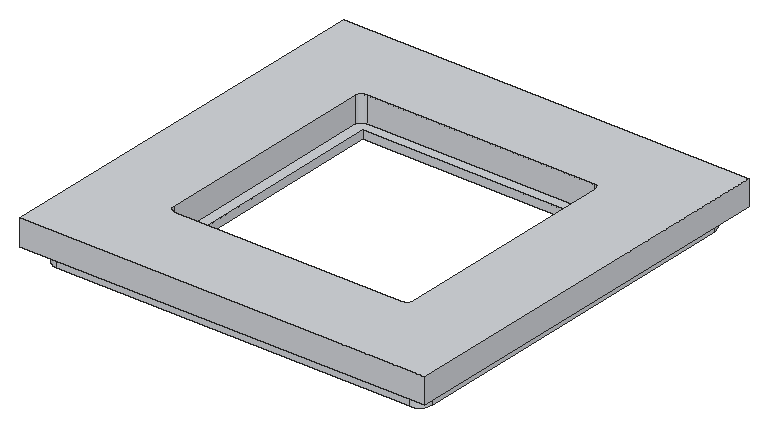
Revit family "Gira_0211221", category Electrical Fixtures, host Face, Revit 2017
Family settings
  Host = Face
  Maintain Annotation Orientation = No
  Round Connector Dimension = Use Diameter
  Part Type = Normal
  Cut with Voids When Loaded = No
  Shared = No
  Room Calculation Point = No
Parameters (values of type "Abdeckrahmen 1f Gira Esprit Lin.Mpx.Hellbraun")
  Werkstoffgüte = "sonstige"
  Werkstoff = "sonstige"
  URL = "http://katalog.gira.de/de_DE/datenblatt.html?artikelnr=0211221"
  Transparent = "No"
  Textfeld/Beschriftungsfläche = "No"
  Schutzart (IP) = "IP20"
  Region = "DE"
  Oberfläche = "sonstige"
  Name = "Abdeckrahmen 1f Gira Esprit Lin.Mpx.Hellbraun"
  Montagerichtung = "horizontal und vertikal"
  Mit Montagerahmen = "No"
  Mit Klappdeckel = "No"
  Manufacturer URL = "https://www.gira.de/"
  Keynote = "Espr._Rahmen_1fach"
  HeinzeBIM = "https://bimportal.heinze.de/bim/abdeckrahmen-1f-gira-esprit-lin-mpx-hellbraun/2cc5803403233d9ad23c53b95d7137a77ecc88fc"
  Halogenfrei = "No"
  HAN = "0211221"
  Geeignet für Unterputz-Installation = "Yes"
  Geeignet für Unterflurkanaldose = "No"
  Geeignet für Geräteeinbaukanal = "No"
  Geeignet für Einbauinstallation = "No"
  GTIN = "4010337015994"
  Farbe = "sonstige"
  Default Elevation = 1219.2 mm
  Data sheet (1) = "https://katalog.gira.de/de_DE/download.html?artikelnr=0211221"
  Category = "Abdeckrahmen"
  Befestigungsart = "Klemmbefestigung"
  Available = "Yes"
  Anzahl der Einheiten vertikal = "1 "
  Anzahl der Einheiten horizontal = "1 "
  Anzahl der Einheiten = "1 "
Reference planes
  plane 1 "Center (Front/Back)": y = 0
  plane 2: z = 0
  plane 3 "Center (Left/Right)": x = 0
Forms (mm)
  Extrusion 1, solid, detail levels fine
    sketch origin (0, 0, 0) x (1, 0, 0) y (0, 1, 0)
      loop
        line (-47.5, 47.5) -> (-47.5, -47.5) -> (47.5, -47.5) -> (47.5, 47.5) -> (-47.5, 47.5)
      loop
        arc (-28.2, -26.7) -> (-27.761, -27.761) -> (-26.7, -28.2) r 1.5
        line (-26.7, -28.2) -> (26.7, -28.2)
        arc (26.7, -28.2) -> (27.761, -27.761) -> (28.2, -26.7) r 1.5
        line (28.2, -26.7) -> (28.2, 26.7)
        arc (28.2, 26.7) -> (27.761, 27.761) -> (26.7, 28.2) r 1.5
        line (26.7, 28.2) -> (-26.7, 28.2)
        arc (-26.7, 28.2) -> (-27.761, 27.761) -> (-28.2, 26.7) r 1.5
        line (-28.2, 26.7) -> (-28.2, -26.7)
    from 0 to 6
  Extrusion 2, solid, detail levels fine
    sketch origin (0, 0, 0) x (1, 0, 0) y (0, 1, 0)
      loop
        line (-25.7, -25.7) -> (25.7, -25.7) -> (25.7, 25.7) -> (-25.7, 25.7) -> (-25.7, -25.7)
      loop
        arc (-43.1, -41.3) -> (-42.573, -42.573) -> (-41.3, -43.1) r 1.8
        line (-41.3, -43.1) -> (41.3, -43.1)
        arc (41.3, -43.1) -> (42.573, -42.573) -> (43.1, -41.3) r 1.8
        line (43.1, -41.3) -> (43.1, 41.3)
        arc (43.1, 41.3) -> (42.573, 42.573) -> (41.3, 43.1) r 1.8
        line (41.3, 43.1) -> (-41.3, 43.1)
        arc (-41.3, 43.1) -> (-42.573, 42.573) -> (-43.1, 41.3) r 1.8
        line (-43.1, 41.3) -> (-43.1, -41.3)
    from -1.9 to 0
  Extrusion 3, solid, detail levels fine
    sketch origin (0, 0, 0) x (1, 0, 0) y (0, 1, 0)
      loop
        arc (-41.4, 44.4) -> (-43.521, 43.521) -> (-44.4, 41.4) r 3
        line (-44.4, 41.4) -> (-44.4, -41.4)
        arc (-44.4, -41.4) -> (-43.521, -43.521) -> (-41.4, -44.4) r 3
        line (-41.4, -44.4) -> (41.4, -44.4)
        arc (41.4, -44.4) -> (43.521, -43.521) -> (44.4, -41.4) r 3
        line (44.4, -41.4) -> (44.4, 41.4)
        arc (44.4, 41.4) -> (43.521, 43.521) -> (41.4, 44.4) r 3
        line (41.4, 44.4) -> (-41.4, 44.4)
      loop
        line (-43.1, 41.3) -> (-43.1, -41.3)
        arc (-43.1, -41.3) -> (-42.573, -42.573) -> (-41.3, -43.1) r 1.8
        line (-41.3, -43.1) -> (41.3, -43.1)
        arc (41.3, -43.1) -> (42.573, -42.573) -> (43.1, -41.3) r 1.8
        line (43.1, -41.3) -> (43.1, 41.3)
        arc (43.1, 41.3) -> (42.573, 42.573) -> (41.3, 43.1) r 1.8
        line (41.3, 43.1) -> (-41.3, 43.1)
        arc (-41.3, 43.1) -> (-42.573, 42.573) -> (-43.1, 41.3) r 1.8
    from -3.7 to 0
  Extrusion 4, solid, detail levels medium
    sketch origin (0, 0, 0) x (1, 0, 0) y (0, 1, 0)
      loop
        line (-47.5, 47.5) -> (-47.5, -47.5) -> (47.5, -47.5) -> (47.5, 47.5) -> (-47.5, 47.5)
    from 0 to 6
  Extrusion 5, solid, detail levels medium
    sketch origin (0, 0, 0) x (1, 0, 0) y (0, 1, 0)
      loop
        line (-44.4, 44.4) -> (-44.4, -44.4) -> (44.4, -44.4) -> (44.4, 44.4) -> (-44.4, 44.4)
    from -3.7 to 0
  Extrusion 6, solid, detail levels coarse
    sketch origin (0, 0, 0) x (1, 0, 0) y (0, 1, 0)
      loop
        line (-47.5, 47.5) -> (-47.5, -47.5) -> (47.5, -47.5) -> (47.5, 47.5) -> (-47.5, 47.5)
    from -3.7 to 6
Dimensions and locks
  aligned and locked: plane 2 to host face
  aligned and locked: level to host face
